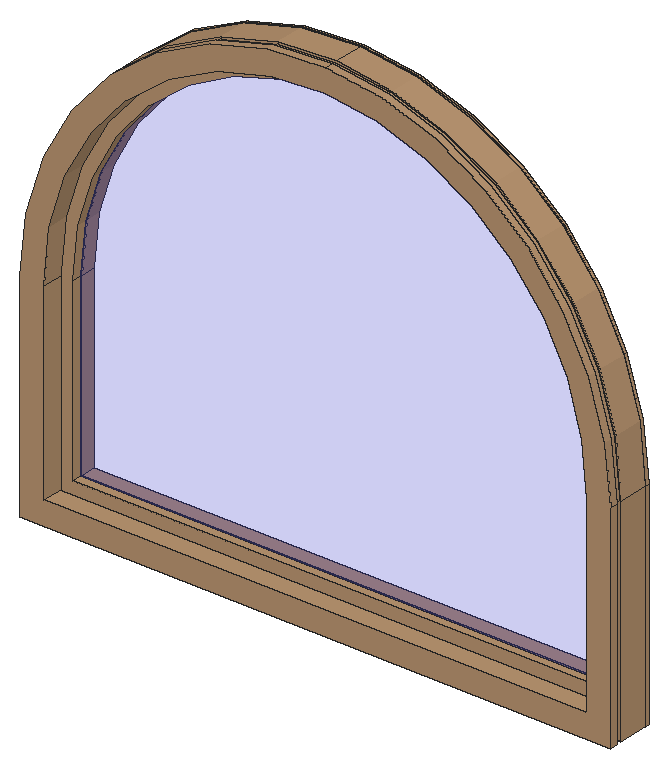
Revit family "WWW_A3-Full-Arch-0966-CHF2", category Windows, host Wall, Revit 2016
Family settings
  Host = Wall
  Always vertical = Yes
  Cut with Voids When Loaded = No
  Shared = No
  Room Calculation Point = No
Parameters (values of type "0966 x 1116 CHF2")
  URL = "www.acdoors.co.za"
  Type Comments = "series iv frame profile"
  RHS [instance] = no
  Model = "Full Arch"
  Manufacturer Code = "CHF2"
  Manufacturer = "AC Shopfitters (Windows)"
  LHS [instance] = not(RHS)  # yes
  Height = 966 mm
  Head height = 2300 mm
  Frame Material = Frame Material
  Default Sill Height = (Head height - Height)  # 1334 mm
  Wall Closure = By host
  Width = 1116 mm
  Assembly Code = "B2020130"
Types (3, lengths in mm): name | Width
  (no name) | 1116
  0966 x 1116 CHF2 | 1116
  0966 x 0580 CHF2 | 580
Reference planes
  plane 1 "CL": y = 0
  plane 2 "Center (Left/Right)": x = 0
  plane 3 "Left": x = -558
  plane 4 "Right": x = 558
  plane 5 "Sill": z = 1334
  plane 6 "Head": z = 2300
  plane 7 "Exterior": y = 75
  plane 8 "Interior": y = -75
  plane 9: z = 1978
  plane 10: z = 1656
Forms (mm)
  Sweep 1, solid, material "Frame Material" <- "Frame Material", detail levels medium+fine
    path origin (0, 0, 0) x (1, 0, 0) y (0, 0, 1)
      loop
        line (559.432, 1334) -> (559.432, 1741.189)
        arc (559.432, 1741.189) -> (402.925, 2129.031) -> (21.07, 2299.626) r 558.811
        arc (21.07, 2299.626) -> (-387.087, 2143.549) -> (-558, 1741.379) r 558.621
        line (-558, 1741.379) -> (-558, 1334) -> (559.432, 1334)
    profile "AC 90 x 44 IV : AC 90 x 44 iv" origin (559.432, 0, 1537.594) x (-1, 0, 0) y (0, -1, 0)
      loop
        line (44, 50.2) -> (0, 50.2) -> (0, 35.2) -> (2.991, 35.2) -> (2.991, 25.2) -> (0, 25.2) -> (0, -31.778) -> (2.991, -31.778) -> (2.991, -34.8) -> (0, -34.8) -> (0, -39.8) -> (24, -39.8) -> (32.38, 10.2) -> (44, 10.2) -> (44, 50.2)
  Sweep 2, solid, material "Frame Material" <- "Frame Material", detail levels medium+fine
    path origin (0, 0, 0) x (1, 0, 0) y (0, 0, 1)
      loop
        arc (527.052, 1741.189) -> (373.501, 2112.794) -> (2.424, 2267.617) r 526.432
        arc (2.424, 2267.617) -> (-370.85, 2114.125) -> (-525.62, 1741.379) r 526.241
        line (-525.62, 1741.379) -> (-525.62, 1366.38) -> (527.052, 1366.38) -> (527.052, 1741.189)
    profile "AC 50 x 44 Base iv : AC 50 x 44 Base" origin (527.052, 0, 1553.784) x (1, 0, 0) y (0, -1, 0)
      loop
        line (0, 10.183) -> (-35.62, 10.183) -> (-35.62, -6.817) -> (-30.62, -6.817) -> (-30.62, -9.817) -> (-35.62, -9.817) -> (-35.62, -39.817) -> (-30.62, -39.817) -> (-30.62, -34.817) -> (-25.62, -34.817) -> (-25.62, -39.817) -> (-1.62, -39.817) -> (-1.62, -49.817) -> (8.38, -49.817) -> (8.38, -46.817) -> (6.349, -46.817) -> (6.349, -44.817) -> (8.38, -44.817) -> (8.38, -39.817) -> (0, 10.183)
  Extrusion 3, solid, material "Glass", detail levels medium+fine
    sketch origin (0, 0, 0) x (1, 0, 0) y (0, 0, 1)
      loop
        arc (496.432, 1741.189) -> (356.265, 2086.653) -> (15.016, 2236.791) r 495.811
        arc (15.016, 2236.791) -> (-344.709, 2096.889) -> (-495, 1741.379) r 495.621
        line (-495, 1741.379) -> (-495, 1397) -> (496.432, 1397) -> (496.432, 1741.189)
    from -9.817 to -6.817
Lines and regions (mm)
  Opening 1
    outline origin (3500, -75, 0) x (1, 0, 0) y (0, 0, 1)
      loop
        line (-2940.568, 1334) -> (-2940.568, 1741.189)
        arc (-2940.568, 1741.189) -> (-3103.564, 2135.651) -> (-3497.465, 2299.997) r 558.811
        arc (-3497.465, 2299.997) -> (-3893.706, 2137.06) -> (-4058, 1741.379) r 558.621
        line (-4058, 1741.379) -> (-4058, 1334) -> (-2940.568, 1334)
Text (mm)
  text "EXTERIOR" at (-1963.203, 1332.353, 0), in view "Ref. Level"
  text "INTERIOR" at (-1981.466, -818.386, 0), in view "Ref. Level"
  text "Exterior" at (0, 923.751, 2943.296), in view "Right"
  text "Exterior" at (0, 1040.484, 2685.409), in view "Left"
Dimensions and locks
  equal spacing: plane 3 "Left", plane 2 "Center (Left/Right)", plane 4 "Right"
  "Width": plane 3 "Left" to plane 4 "Right"
  "Height": plane 5 "Sill" to plane 6 "Head"
  locked: plane 7 "Exterior" to host wall at 0
  locked: plane 8 "Interior" to host wall
  "Head height": plane 6 "Head" to level
  equal spacing: plane 6 "Head", plane 9, plane 10, plane 5 "Sill"
  aligned and locked: plane 3 "Left" to Opening 1 sketch curve
  aligned and locked: Sweep 1 sketch curve to host wall  (x3)
  aligned and locked: Sweep 2 sketch curve to Sweep 1  (x2)
  aligned and locked: Sweep 2 to Extrusion 3
  aligned and locked: Extrusion 3 to Sweep 2  (x2)
  aligned and locked: Extrusion 3 sketch curve to Sweep 2  (x3)
  aligned and locked: plane 5 "Sill" to Sweep 1 sketch curve
Automatic sketch dimensions
  Opening 1 sketch curve to plane 5 "Sill" = 0 mm
  Opening 1 sketch curve to Opening 1 sketch curve = 0.001 mm
  Opening 1 sketch curve to Opening 1 sketch curve = 0.19 mm
  plane 6 "Head" to Opening 1 sketch curve = 0.003 mm
  plane 2 "Center (Left/Right)" to Opening 1 sketch curve = 0.621 mm
  Opening 1 sketch curve to Opening 1 sketch curve = 0 mm
  Sweep 1 sketch curve to Sweep 1 sketch curve = 0.001 mm
  Sweep 2 sketch curve to plane 3 "Left" = 32.38 mm
  Sweep 2 sketch curve to Sweep 2 sketch curve = 0.001 mm
  plane 2 "Center (Left/Right)" to Sweep 2 sketch curve = 2.424 mm
  Extrusion 3 sketch curve to Extrusion 3 sketch curve = 0.001 mm
  Sweep 1 sketch curve to plane 3 "Left" = 0 mm
  plane 6 "Head" to Sweep 1 sketch curve = 0.374 mm
  plane 2 "Center (Left/Right)" to Extrusion 3 sketch curve = 15.016 mm
